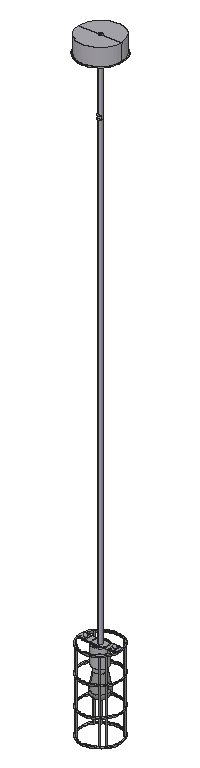
Revit family "Lighting - Lumetta - Pendant - P1304RV", category Lighting Fixtures, host Ceiling, Revit 2015
Parameters
  Wattage = 11.7117 W
  built-in parameter 1150110 = 1 (stored number, unit not read)
  URL = "https://lumetta.com/luminaires/reveal-grid-11-pendant/"
  Type Comments = "Reveal Grid 11'' Pendant "  # constant formula
  built-in parameter 1114217 = 1 (stored number, unit not read)
  built-in parameter 1150109 = 1 (stored number, unit not read)
  built-in parameter 1150134 = (empty or 0)
  Suspension [instance] = 2
  built-in parameter 1150113 = 1 (stored number, unit not read)
  Stem Hung-Med Base [instance] = Suspension = 2  # yes
  P1304RV URL [instance] = "https://lumetta.com/luminaires/reveal-grid-11-pendant/"
  Light Source Symbol Size = 0' - 1"
  Coupling-Stems Over 60 inches [instance] = and([Stem Hung-Med Base], Fixture Drop > 5' 0")  # yes
  Model = "P1304RV"  # constant formula
  Manufacturer = "Lumetta, Inc."  # constant formula
  Lumens = 1300 lm
  built-in parameter 1150115 = 1 (stored number, unit not read)
  built-in parameter 1150105 = 103.45 (stored number, unit not read)
  built-in parameter 1150137 = (empty or 0)
  built-in parameter 1150139 = (empty or 0)
  built-in parameter 1150112 = 1 (stored number, unit not read)
  built-in parameter 1150114 = 1 (stored number, unit not read)
  built-in parameter 1150132 = 1
  built-in parameter 1150102 = (empty or 0)
  built-in parameter 1150138 = (empty or 0)
  built-in parameter 1150107 = 3000 (stored number, unit not read)
  built-in parameter 1150106 = 1.0345 (stored number, unit not read)
  Frame Finish [instance] = Paint - Lumetta - F02 - PC_Chrome
  Fixture Drop [instance] = 6' - 0"
  built-in parameter 1150104 = 10.312 (stored number, unit not read)
  Dimming Lamp Color Temperature Shift = (empty or 0)
  Description = "Reveal Grid 11'' Pendant "  # constant formula
  Cord Hung-Med Base [instance] = Suspension = 1  # no
  Cord Color [instance] = Cord, Black
  Color Filter = 16777215
  built-in parameter 1114218 = 1 (stored number, unit not read)
  built-in parameter 1150133 = 10 (stored number, unit not read)
Reference planes (in)
  plane 1 "Light Source Axis (F/B)": y = 0
  plane 2 "Ceiling": z = 96
  plane 3 "Light Source Axis (L/R)": x = 0
  plane 4 "Light Source Elevation": z = 21
  plane 5 "Fixture-Top": z = 24
  plane 6 "Fixture-Radius": x = 2.75
  plane 7 "Fixture-Height": z = 13
  plane 8: y = 0
  plane 9: x = 1.9375
  plane 10 "Outer BTM-Flat Plane": z = 10.44187
  plane 11: z = 16.58
  plane 12: z = 20.42
Forms (in)
  Revolve 1, solid, material "Paint - Lumetta - F02 - PC_Chrome" <- "Frame Finish", visible <- "Cord Hung-Med Base"
    sketch origin (0, 0, 0) x (1, 0, 0) y (0, 0, 1)
      loop
        line (0, 96) -> (0, 95.65) -> (2.125, 95.65)
        arc (2.125, 95.65) -> (2.21339, 95.68661) -> (2.25, 95.775) r 0.125
        line (2.25, 95.775) -> (2.25, 96) -> (0, 96)
      axis (0, 96) -> (0, 95.65)
    angle from 0 to 360
  Extrusion 2, solid, material "Paint - Lumetta - F02 - PC_Chrome" <- "Frame Finish", visible <- "Stem Hung-Med Base"
    sketch origin (0, 0, 24) x (0, -1, 0) y (-1, 0, 0)
      loop
        circle (0, 0) r 0.25
    from 0.05815 to -72
  Revolve 3, solid, material "Paint - Lumetta - F02 - PC_Chrome" <- "Frame Finish", visible <- "Coupling-Stems Over 60 inches"
    sketch origin (0, 0, 0) x (1, 0, 0) y (0, 0, 1)
      loop
        line (0, 86.53023) -> (0, 86) -> (0.26233, 86)
        arc (0.26233, 86) -> (0.31307, 86.05074) -> (0.26233, 86.10149) r 0.05074
        arc (0.26233, 86.10149) -> (0.29304, 86.26499) -> (0.26243, 86.42851) r 0.45126
        arc (0.26243, 86.42851) -> (0.31329, 86.47937) -> (0.26243, 86.53023) r 0.05086
        line (0.26243, 86.53023) -> (0, 86.53023)
      axis (0, 86.53023) -> (0, 86)
    angle from 0 to 360
  Extrusion 4, solid, material "Cord, Black" <- "Cord Color", visible <- "Cord Hung-Med Base"
    sketch origin (0, 0, 24) x (0, -1, 0) y (1, 0, 0)
      loop
        circle (0, 0) r 0.15674
    from -0.56254 to 72
  Extrusion 5, solid, material "Paint - Lumetta - F02 - PC_Chrome" <- "Frame Finish"
    sketch origin (0, 0, 24) x (0, -1, 0) y (1, 0, 0)
      loop
        circle (0, 0) r 0.26562
      loop
        arc (-0.625, -1.88572) -> (-0.61548, -1.93356) -> (-0.58839, -1.97411) r 0.125
        line (-0.58839, -1.97411) -> (-0.41161, -2.15089)
        arc (-0.41161, -2.15089) -> (-0.37106, -2.17798) -> (-0.32322, -2.1875) r 0.125
        line (-0.32322, -2.1875) -> (0.32322, -2.1875)
        arc (0.32322, -2.1875) -> (0.37106, -2.17798) -> (0.41161, -2.15089) r 0.125
        line (0.41161, -2.15089) -> (0.58839, -1.97411)
        arc (0.58839, -1.97411) -> (0.61548, -1.93356) -> (0.625, -1.88572) r 0.125
        line (0.625, -1.88572) -> (0.625, 1.88572)
        arc (0.625, 1.88572) -> (0.61548, 1.93356) -> (0.58839, 1.97411) r 0.125
        line (0.58839, 1.97411) -> (0.41161, 2.15089)
        arc (0.41161, 2.15089) -> (0.37106, 2.17798) -> (0.32322, 2.1875) r 0.125
        line (0.32322, 2.1875) -> (-0.32322, 2.1875)
        arc (-0.32322, 2.1875) -> (-0.37106, 2.17798) -> (-0.41161, 2.15089) r 0.125
        line (-0.41161, 2.15089) -> (-0.58839, 1.97411)
        arc (-0.58839, 1.97411) -> (-0.61548, 1.93356) -> (-0.625, 1.88572) r 0.125
        line (-0.625, 1.88572) -> (-0.625, -1.88572)
      loop
        circle (0, 1.9375) r 0.07846
      loop
        circle (0, -1.9375) r 0.07846
    from -0.05815 to 0
  Revolve 6, solid, material "Paint - Lumetta - F02 - PC_Chrome" <- "Frame Finish", visible <- "Cord Hung-Med Base"
    sketch origin (0, 0, 0) x (1, 0, 0) y (0, 0, 1)
      loop
        line (0, 95.65) -> (0, 95.15) -> (0.28125, 95.15) -> (0.375, 95.65) -> (0, 95.65)
      axis (0, 95.65) -> (0, 95.15)
    angle from 0 to 360
  Revolve 7, solid, material "Paint - Lumetta - F02 - PC_Chrome" <- "Frame Finish", visible <- "Stem Hung-Med Base"
    sketch origin (0, 0, 0) x (1, 0, 0) y (0, 0, 1)
      loop
        line (1.9375, 93.72) -> (1.9375, 93.37095)
        arc (1.9375, 93.37095) -> (2.11821, 93.50953) -> (2.03125, 93.72) r 0.18712
        line (2.03125, 93.72) -> (1.9375, 93.72)
      axis (1.9375, 93.72) -> (1.9375, 93.37095)
    angle from 0 to 360
  Revolve 8, solid, material "Paint - Lumetta - F02 - PC_Chrome" <- "Frame Finish", visible <- "Stem Hung-Med Base"
    sketch origin (0, 0, 0) x (-1, 0, 0) y (0, 0, 1)
      loop
        line (1.9375, 93.72) -> (1.9375, 93.37095)
        arc (1.9375, 93.37095) -> (2.11821, 93.50953) -> (2.03125, 93.72) r 0.18712
        line (2.03125, 93.72) -> (1.9375, 93.72)
      axis (1.9375, 93.72) -> (1.9375, 93.37095)
    angle from 0 to 360
  Revolve 9, solid, material "Paint - Lumetta - F02 - PC_Chrome" <- "Frame Finish"
    sketch origin (0, 0, 0) x (1, 0, 0) y (0, 0, 1)
      loop
        circle (2.6825, 23.9325) r 0.0675
      axis (0, 23.9325) -> (0, 23.89313)
    angle from 0 to 360
  Revolve 10, solid, material "Paint - Lumetta - F02 - PC_Chrome" <- "Frame Finish"
    sketch origin (0, 0, 0) x (1, 0, 0) y (0, 0, 1)
      loop
        circle (2.6825, 13.0675) r 0.0675
      axis (0, 13.0675) -> (0, 13.02813)
    angle from 0 to 360
  Extrusion 11, solid, material "Paint - Lumetta - F02 - PC_Chrome" <- "Frame Finish"
    sketch origin (0, 0, 24) x (0, -1, 0) y (1, 0, 0)
      loop
        line (-0.5, 1.57812) -> (0.5, 1.57812) -> (0.5, 2.63549)
        arc (0.5, 2.63549) -> (0, 2.6825) -> (-0.5, 2.63549) r 2.6825
        line (-0.5, 2.63549) -> (-0.5, 1.57812)
      loop
        circle (0, 1.9375) r 0.09375
      loop
        line (-0.5, -1.57813) -> (-0.5, -2.63549)
        arc (-0.5, -2.63549) -> (0, -2.6825) -> (0.5, -2.63549) r 2.6825
        line (0.5, -2.63549) -> (0.5, -1.57813) -> (-0.5, -1.57813)
      loop
        circle (0, -1.9375) r 0.09375
    from 0 to 0.07325
  Revolve 12, solid, material "Paint - Lumetta - F02 - PC_Chrome" <- "Frame Finish", visible <- "Stem Hung-Med Base"
    sketch origin (0, 0, 0) x (1, 0, 0) y (0, 0, 1)
      loop
        line (0, 96.0012) -> (0, 93.40625) -> (0.34988, 93.40625)
        arc (0.34988, 93.40625) -> (0.49124, 93.54417) -> (0.58115, 93.72) r 0.61026
        line (0.58115, 93.72) -> (3, 93.72) -> (3, 93.78) -> (2.875, 93.78) -> (2.875, 96.0012) -> (0, 96.0012)
      axis (0, 96.0012) -> (0, 93.40625)
    angle from 0 to 360
  Revolve 13, solid, material "Paint - Lumetta - F02 - PC_Chrome" <- "Frame Finish"
    sketch origin (0, 0, 5.25) x (1, 0, 0) y (0, 0, 1)
      loop
        circle (2.6825, 11.33) r 0.0675
      axis (0, 11.33) -> (0, 11.29063)
    angle from 0 to 360
  Revolve 14, solid, material "Paint - Lumetta - F02 - PC_Chrome" <- "Frame Finish"
    sketch origin (0, 0, 6.25) x (1, 0, 0) y (0, 0, 1)
      loop
        circle (2.6825, 14.17) r 0.0675
      axis (0, 14.17) -> (0, 14.13063)
    angle from 0 to 360
  Extrusion 15, solid, material "Paint - Lumetta - F02 - PC_Chrome" <- "Frame Finish"
    sketch origin (0, 0, 24) x (0, -1, 0) y (1, 0, 0)
      loop
        circle (2.04707, 1.51674) r 0.0675
      loop
        circle (1.51674, 2.04707) r 0.0675
      loop
        circle (-1.51674, -2.04707) r 0.0675
      loop
        circle (-2.04707, -1.51674) r 0.0675
      loop
        circle (-1.51674, 2.04707) r 0.0675
      loop
        circle (-2.04707, 1.51674) r 0.0675
      loop
        circle (2.04707, -1.51674) r 0.0675
      loop
        circle (1.51674, -2.04707) r 0.0675
    from 0 to -11
  Revolve 16, solid, material "Paint - Lumetta - F02 - PC_Chrome" <- "Frame Finish"
    sketch origin (0, 0, 0) x (1, 0, 0) y (0, 0, 1)
      loop
        arc (2.0625, 24.07325) -> (2.11266, 24.27991) -> (1.9375, 24.4005) r 0.1875
        line (1.9375, 24.4005) -> (1.9375, 24.07325) -> (2.0625, 24.07325)
      axis (1.9375, 24.4005) -> (1.9375, 24.07325)
    angle from 0 to 360
  Revolve 17, solid, material "Paint - Lumetta - F02 - PC_Chrome" <- "Frame Finish"
    sketch origin (0, 0, 0) x (-1, 0, 0) y (0, 0, 1)
      loop
        arc (2.0625, 24.07325) -> (2.11266, 24.27991) -> (1.9375, 24.4005) r 0.1875
        line (1.9375, 24.4005) -> (1.9375, 24.07325) -> (2.0625, 24.07325)
      axis (1.9375, 24.4005) -> (1.9375, 24.07325)
    angle from 0 to 360
  Revolve 18, solid, material "Paint - Lumetta - F02 - PC_Chrome" <- "Frame Finish"
    sketch origin (0, 0, 0) x (1, 0, 0) y (0, 0, 1)
      loop
        arc (1.03125, 23.875) -> (1.01294, 23.91919) -> (0.96875, 23.9375) r 0.0625
        line (0.96875, 23.9375) -> (0, 23.9375) -> (0, 23.8975) -> (0.96781, 23.8975)
        arc (0.96781, 23.8975) -> (0.98439, 23.89064) -> (0.99125, 23.87406) r 0.02344
        line (0.99125, 23.87406) -> (0.99125, 21.4375) -> (1.03125, 21.4375) -> (1.03125, 23.875)
      axis (0, 23.9375) -> (0, 21.4375)
    angle from 0 to 360
  Revolve 19, solid, material "Acrylic - 2447 - White"
    sketch origin (0, 0, 0) x (1, 0, 0) y (0, 0, 1)
      loop
        arc (0.80401, 20.75057) -> (0.68982, 21.12191) -> (0.48811, 21.45394) r 1.57307
        arc (0.48811, 21.45394) -> (0.47449, 21.46485) -> (0.45748, 21.46875) r 0.03906
        line (0.45748, 21.46875) -> (0, 21.46875) -> (0, 21.4375) -> (0.46126, 21.4375)
        arc (0.46126, 21.4375) -> (0.66054, 21.11083) -> (0.77324, 20.74515) r 1.54182
        line (0.77324, 20.74515) -> (1.17086, 18.49013)
        arc (1.17086, 18.49013) -> (1.06714, 17.98156) -> (0.64416, 17.68073) r 0.70728
        arc (0.64416, 17.68073) -> (0.43163, 17.63725) -> (0.21626, 17.61117) r 2.66809
        arc (0.21626, 17.61117) -> (0.19746, 17.60289) -> (0.18786, 17.58472) r 0.03125
        arc (0.18786, 17.58472) -> (0.18007, 17.56839) -> (0.16453, 17.55911) r 0.03125
        arc (0.16453, 17.55911) -> (0.08288, 17.54396) -> (0, 17.53889) r 0.67945
        line (0, 17.53889) -> (0, 17.50764)
        arc (0, 17.50764) -> (0.0867, 17.51295) -> (0.1721, 17.52879) r 0.7107
        arc (0.1721, 17.52879) -> (0.20317, 17.54735) -> (0.21875, 17.58002) r 0.0625
        arc (0.21875, 17.58002) -> (0.43664, 17.6064) -> (0.65167, 17.6504) r 2.69934
        arc (0.65167, 17.6504) -> (1.09333, 17.96451) -> (1.20163, 18.49556) r 0.73853
        line (1.20163, 18.49556) -> (0.80401, 20.75057)
      axis (0, 21.46875) -> (0, 17.50764)
    angle from 0 to 360
Dimensions and locks (in)
  equal spacing: host sketch curve, plane 3 "Light Source Axis (L/R)", host sketch curve
  equal spacing: host sketch curve, plane 1 "Light Source Axis (F/B)", host sketch curve
  host sketch curve to host sketch curve = 10' - 0"  (x2)
  "Fixture Drop": plane 2 "Ceiling" to plane 5 "Fixture-Top"
  plane 5 "Fixture-Top" to plane 4 "Light Source Elevation" = 0' - 3"
  locked: plane 6 "Fixture-Radius" to plane 3 "Light Source Axis (L/R)" at 2.75
  locked: plane 5 "Fixture-Top" to plane 7 "Fixture-Height" at 11
  locked: Extrusion 2 sketch curve to imposter light
  locked: Extrusion 2 sketch curve to imposter light at 0
  Revolve 3 sketch curve to Revolve 3 sketch curve = 0' - 0.15822"
  locked: Revolve 3 sketch curve to Revolve 3 sketch curve at 0.53023
  locked: Revolve 3 sketch curve to Revolve 3 sketch curve at 0.26243
  locked: Revolve 3 sketch curve to Revolve 3 sketch curve at 0.26233
  locked: Revolve 3 sketch curve to Revolve 3 sketch curve at 0.05074
  locked: Revolve 3 sketch curve to Revolve 3 sketch curve at 0.47937
  locked: Revolve 3 sketch curve to Revolve 3 sketch curve at 0.26512
  locked: Revolve 1 to Revolve 6 sketch curve at 0.5
  locked: plane 6 "Fixture-Radius" to Revolve 9 sketch curve at 0.0675
  locked: plane 5 "Fixture-Top" to Revolve 9 sketch curve at 0.0675
  equal spacing: Extrusion 11 sketch curve, plane 8, Extrusion 11 sketch curve, locked at 0.5 each  (x2)
  locked: Extrusion 11 sketch curve to Extrusion 11 sketch curve at 1
  locked: Extrusion 11 to plane 5 "Fixture-Top" at 0.07325
  locked: plane 5 "Fixture-Top" to Extrusion 5 at 0.05815
  locked: Revolve 12 sketch curve to Revolve 12 sketch curve at 2.875
  locked: Revolve 12 sketch curve to Revolve 12 sketch curve at 0.31375
  locked: plane 2 "Ceiling" to Revolve 12 sketch curve at 2.28
  locked: Revolve 12 sketch curve to plane 3 "Light Source Axis (L/R)" at 0
  locked: Revolve 12 sketch curve to plane 2 "Ceiling" at 0.0012
  locked: plane 5 "Fixture-Top" to plane 10 "Outer BTM-Flat Plane" at 13.55813
  locked: plane 2 "Ceiling" to Revolve 1 sketch curve at 0.35
  locked: Revolve 1 sketch curve to plane 2 "Ceiling"
  locked: Revolve 1 sketch curve to plane 3 "Light Source Axis (L/R)" at 2.25
  locked: plane 2 "Ceiling" to Revolve 6 sketch curve at 0.35
  locked: Revolve 10 sketch curve to plane 7 "Fixture-Height" at 0.0675
  locked: plane 6 "Fixture-Radius" to Revolve 10 sketch curve at 0.0675
  plane 3 "Light Source Axis (L/R)" to Extrusion 11 sketch curve = 0' - 1 37/64"
  locked: Extrusion 11 sketch curve to Extrusion 11 sketch curve at 3.15625
  locked: Extrusion 11 sketch curve to plane 3 "Light Source Axis (L/R)" at 1.9375
  locked: Extrusion 11 sketch curve to Extrusion 11 sketch curve at 3.875
  locked: Extrusion 5 sketch curve to plane 3 "Light Source Axis (L/R)" at 1.9375
  locked: Extrusion 5 sketch curve to Extrusion 5 sketch curve at 3.875
  locked: plane 8 to Extrusion 5 sketch curve at 0.625  (x2)
  locked: plane 11 to plane 7 "Fixture-Height" at 3.58
  locked: plane 5 "Fixture-Top" to plane 12 at 3.58
  locked: plane 6 "Fixture-Radius" to Revolve 13 sketch curve at 0.0675
  locked: Revolve 13 sketch curve to plane 11
  locked: plane 6 "Fixture-Radius" to Revolve 14 sketch curve at 0.0675
  locked: Revolve 14 sketch curve to plane 12
  plane 3 "Light Source Axis (L/R)" to Extrusion 15 sketch curve = 0' - 1.51674"
  plane 3 "Light Source Axis (L/R)" to Extrusion 15 sketch curve = 0' - 2.04707"
  plane 8 to Extrusion 15 sketch curve = 0' - 2.04707"
  plane 8 to Extrusion 15 sketch curve = 0' - 1.51674"
  locked: plane 3 "Light Source Axis (L/R)" to Revolve 16 sketch curve at 1.9375
  locked: Revolve 16 sketch curve to Revolve 16 sketch curve at 0.13975
  Revolve 16 sketch curve to Extrusion 11 = 0' - 0"
  locked: Revolve 17 sketch curve to Revolve 17 sketch curve at 0.13975
  locked: Revolve 17 sketch curve to Extrusion 11 at 0
  locked: Revolve 17 sketch curve to plane 3 "Light Source Axis (L/R)" at 1.9375
  locked: Revolve 12 sketch curve to plane 3 "Light Source Axis (L/R)" at 3
  locked: Revolve 18 sketch curve to Revolve 18 sketch curve at 1.03125
  locked: Revolve 18 sketch curve to Revolve 18 sketch curve at 0.04  (x2)
  locked: Revolve 18 sketch curve to Revolve 18 sketch curve at 2.5
  locked: Revolve 18 sketch curve to Revolve 18 sketch curve
  locked: plane 5 "Fixture-Top" to Revolve 18 sketch curve at 0.0625
  locked: imposter light to Revolve 19 sketch curve at 0
  Revolve 19 sketch curve to Revolve 19 sketch curve = 0' - 0 1/32"
  locked: Revolve 18 to Revolve 19 sketch curve at 0
  locked: Revolve 19 sketch curve to plane 3 "Light Source Axis (L/R)" at 0
  aligned and locked: plane 3 "Light Source Axis (L/R)" to imposter light
  aligned and locked: plane 1 "Light Source Axis (F/B)" to imposter light
  aligned and locked: plane 4 "Light Source Elevation" to imposter light
  aligned and locked: Revolve 3 sketch curve to Revolve 3 sketch curve  (x2)
  aligned and locked: host ceiling to Extrusion 2
  aligned and locked: host ceiling to Extrusion 4
  aligned and locked: Extrusion 5 to Extrusion 2
  aligned and locked: Revolve 7 sketch curve to plane 9
  aligned and locked: Revolve 10 sketch curve to plane 3 "Light Source Axis (L/R)"
  aligned and locked: plane 5 "Fixture-Top" to Extrusion 11
  aligned and locked: Extrusion 5 to plane 5 "Fixture-Top"
  aligned and locked: plane 7 "Fixture-Height" to Extrusion 15
Automatic sketch dimensions
  Revolve 1 sketch curve to plane 3 "Light Source Axis (L/R)" = 0' - 0"  (x2)
  Revolve 1 sketch curve to Revolve 1 sketch curve = 0' - 0 1/8"
  Revolve 1 sketch curve to plane 5 "Fixture-Top" = 0' - 1 1/4"
  plane 2 "Ceiling" to Revolve 1 sketch curve = 0' - 9 3/4"
  Revolve 3 sketch curve to plane 3 "Light Source Axis (L/R)" = 0' - 0"
  Revolve 3 sketch curve to plane 2 "Ceiling" = 0' - 10"
  Revolve 3 sketch curve to Revolve 3 sketch curve = 0' - 11.34317"
  plane 1 "Light Source Axis (F/B)" to Extrusion 4 sketch curve = 0' - 0"
  Extrusion 4 sketch curve to plane 3 "Light Source Axis (L/R)" = 0' - 0"
  plane 1 "Light Source Axis (F/B)" to Extrusion 5 sketch curve = 0' - 0"  (x3)
  Extrusion 5 sketch curve to plane 3 "Light Source Axis (L/R)" = 0' - 0"
  plane 9 to Extrusion 5 sketch curve = 0' - 0.03661"  (x2)
  Extrusion 5 sketch curve to Extrusion 5 sketch curve = 0' - 0.03661"  (x5)
  Extrusion 5 sketch curve to plane 9 = 0' - 0.05178"  (x2)
  Extrusion 5 sketch curve to Extrusion 5 sketch curve = 0' - 0.08839"  (x6)
  Extrusion 5 sketch curve to Extrusion 5 sketch curve = 0' - 0.17678"  (x4)
  plane 1 "Light Source Axis (F/B)" to Extrusion 5 sketch curve = 0' - 0.32322"  (x2)
  plane 9 to Extrusion 5 sketch curve = 0' - 0 1/8"
  plane 9 to Extrusion 5 sketch curve = 0' - 0.21339"
  Extrusion 5 sketch curve to Extrusion 5 sketch curve = 0' - 0 1/8"  (x3)
  Revolve 6 sketch curve to plane 3 "Light Source Axis (L/R)" = 0' - 0"  (x2)
  Revolve 6 sketch curve to Revolve 6 sketch curve = 0' - 0 9/32"
  Revolve 6 sketch curve to Revolve 6 sketch curve = 0' - 0 3/8"
  Revolve 6 sketch curve to Revolve 6 sketch curve = 0' - 1 1/4"
  plane 2 "Ceiling" to Revolve 6 sketch curve = 0' - 6 11/16"
  Revolve 7 sketch curve to plane 9 = 0' - 0"
  plane 9 to Revolve 7 sketch curve = 0' - 0 3/32"
  Revolve 7 sketch curve to plane 2 "Ceiling" = 0' - 2.62905"
  Revolve 7 sketch curve to Revolve 7 sketch curve = 0' - 0.18712"
  Revolve 7 sketch curve to Revolve 7 sketch curve = 0' - 1.15095"
  plane 2 "Ceiling" to Revolve 7 sketch curve = 0' - 0.72"
  plane 3 "Light Source Axis (L/R)" to Revolve 8 sketch curve = 0' - 1 15/16"
  Revolve 8 sketch curve to Revolve 8 sketch curve = 0' - 0 3/32"
  plane 2 "Ceiling" to Revolve 8 sketch curve = 0' - 2.62905"
  Revolve 8 sketch curve to Revolve 8 sketch curve = 0' - 0.18712"
  Revolve 8 sketch curve to Revolve 8 sketch curve = 0' - 0"
  Revolve 8 sketch curve to Revolve 8 sketch curve = 0' - 1.15095"
  Revolve 8 sketch curve to plane 2 "Ceiling" = 0' - 0.72"
  Revolve 9 sketch curve to plane 3 "Light Source Axis (L/R)" = 0' - 0"
  Revolve 9 sketch curve to plane 4 "Light Source Elevation" = 0' - 0 1/2"
  Revolve 9 sketch curve to plane 5 "Fixture-Top" = 0' - 2 1/2"
  level to Revolve 10 sketch curve = 0' - 0 3/4"
  Revolve 10 sketch curve to plane 11 = 0' - 2 3/8"
  Extrusion 11 sketch curve to Extrusion 11 sketch curve = 0' - 0"  (x2)
  plane 1 "Light Source Axis (F/B)" to Extrusion 11 sketch curve = 0' - 0"  (x3)
  Extrusion 11 sketch curve to plane 3 "Light Source Axis (L/R)" = 0' - 0"
  Extrusion 11 sketch curve to plane 1 "Light Source Axis (F/B)" = 0' - 0 1/2"
  Extrusion 11 sketch curve to Extrusion 11 sketch curve = 0' - 0.69799"
  Extrusion 11 sketch curve to plane 6 "Fixture-Radius" = 0' - 0.11451"
  Revolve 12 sketch curve to plane 3 "Light Source Axis (L/R)" = 0' - 0"  (x2)
  Revolve 12 sketch curve to Revolve 12 sketch curve = 0' - 0.34988"
  Revolve 12 sketch curve to Revolve 12 sketch curve = 0' - 0.23126"
  Revolve 12 sketch curve to Revolve 12 sketch curve = 0' - 0.06"
  Revolve 12 sketch curve to Revolve 12 sketch curve = 0' - 1.7488"
  Revolve 12 sketch curve to Revolve 12 sketch curve = 0' - 2 1/2"
  Revolve 13 sketch curve to plane 3 "Light Source Axis (L/R)" = 0' - 0"
  Revolve 13 sketch curve to plane 10 "Outer BTM-Flat Plane" = 0' - 4.44187"
  plane 4 "Light Source Elevation" to Revolve 13 sketch curve = 0' - 0 1/2"
  Revolve 14 sketch curve to plane 3 "Light Source Axis (L/R)" = 0' - 0"
  Revolve 14 sketch curve to plane 10 "Outer BTM-Flat Plane" = 0' - 3.44187"
  Revolve 14 sketch curve to plane 4 "Light Source Elevation" = 0' - 0 1/2"
  plane 9 to Extrusion 15 sketch curve = 0' - 0.10957"
  Extrusion 15 sketch curve to plane 1 "Light Source Axis (F/B)" = 0' - 1.51674"  (x2)
  Extrusion 15 sketch curve to Extrusion 15 sketch curve = 0' - 0.53033"  (x5)
  plane 1 "Light Source Axis (F/B)" to Extrusion 15 sketch curve = 0' - 1.51674"
  Extrusion 15 sketch curve to plane 9 = 0' - 0.42076"
  Extrusion 15 sketch curve to plane 3 "Light Source Axis (L/R)" = 0' - 1.51674"  (x2)
  plane 9 to Revolve 16 sketch curve = 0' - 0"
  Revolve 16 sketch curve to Revolve 16 sketch curve = 0' - 0 1/8"
  plane 5 "Fixture-Top" to Revolve 16 sketch curve = 0' - 0.44618"
  Revolve 16 sketch curve to Revolve 16 sketch curve = 0' - 0.19786"
  Revolve 17 sketch curve to Revolve 17 sketch curve = 0' - 0"
  Revolve 17 sketch curve to Revolve 17 sketch curve = 0' - 0 1/8"
  Revolve 17 sketch curve to plane 5 "Fixture-Top" = 0' - 0.44618"
  Revolve 17 sketch curve to Revolve 17 sketch curve = 0' - 0.19786"
  Revolve 18 sketch curve to plane 3 "Light Source Axis (L/R)" = 0' - 0"
  Revolve 18 sketch curve to Revolve 18 sketch curve = 0' - 0 3/128"
  Revolve 18 sketch curve to Revolve 18 sketch curve = 0' - 0.00094"
  Revolve 18 sketch curve to plane 4 "Light Source Elevation" = 0' - 0.3537"
  Revolve 18 sketch curve to Revolve 18 sketch curve = 0' - 0.89649"
  Revolve 19 sketch curve to Revolve 19 sketch curve = 0' - 0"  (x14)
  Revolve 19 sketch curve to plane 3 "Light Source Axis (L/R)" = 0' - 0"
  plane 12 to Revolve 19 sketch curve = 0' - 0.05741"
  Revolve 19 sketch curve to plane 3 "Light Source Axis (L/R)" = 0' - 0.74516"
  plane 3 "Light Source Axis (L/R)" to Revolve 19 sketch curve = 0' - 0.00349"
  plane 3 "Light Source Axis (L/R)" to Revolve 19 sketch curve = 0' - 0.15696"
  Revolve 19 sketch curve to Revolve 19 sketch curve = 0' - 0.06179"
  plane 3 "Light Source Axis (L/R)" to Revolve 19 sketch curve = 0' - 0.45748"
  Revolve 19 sketch curve to Revolve 19 sketch curve = 0' - 0.00377"
  plane 3 "Light Source Axis (L/R)" to Revolve 19 sketch curve = 0' - 0.47433"
  plane 4 "Light Source Elevation" to Revolve 19 sketch curve = 0' - 0.25485"
  plane 4 "Light Source Elevation" to Revolve 19 sketch curve = 0' - 0.24943"
  Revolve 19 sketch curve to Revolve 19 sketch curve = 0' - 0.03078"  (x2)
  Revolve 19 sketch curve to Revolve 19 sketch curve = 0' - 0.69653"
  Revolve 19 sketch curve to plane 12 = 0' - 0.14924"
  plane 11 to Revolve 19 sketch curve = 0' - 1.91556"
  Revolve 19 sketch curve to Revolve 19 sketch curve = 0' - 0.00543"
  Revolve 19 sketch curve to Revolve 19 sketch curve = 0' - 0.12282"
  Revolve 19 sketch curve to Revolve 19 sketch curve = 0' - 0.14898"
  Revolve 19 sketch curve to Revolve 19 sketch curve = 0' - 0.0913"
  Revolve 19 sketch curve to Revolve 19 sketch curve = 0' - 0.00941"
  Revolve 19 sketch curve to Revolve 19 sketch curve = 0' - 0.05054"
  Revolve 19 sketch curve to Revolve 19 sketch curve = 0' - 0 1/32"
  Revolve 19 sketch curve to Revolve 19 sketch curve = 0' - 0 1/128"
  plane 11 to Revolve 19 sketch curve = 0' - 0.38875"
  Revolve 19 sketch curve to plane 5 "Fixture-Top" = 0' - 5 7/32"
  radius of Extrusion 2 sketch curve = 0' - 0 1/4"
  radius of Extrusion 4 sketch curve = 0' - 0.15674"
  radius of Extrusion 5 sketch curve = 0' - 0 17/64"
  radius of Extrusion 5 sketch curve = 0' - 0.07846"  (x2)
  radius of Revolve 9 sketch curve = 0' - 0.0675"
  radius of Revolve 10 sketch curve = 0' - 0.0675"
  radius of Extrusion 11 sketch curve = 0' - 0 3/32"  (x2)
  radius of Revolve 13 sketch curve = 0' - 0.0675"
  radius of Revolve 14 sketch curve = 0' - 0.0675"
  radius of Extrusion 15 sketch curve = 0' - 0.0675"  (x8)
